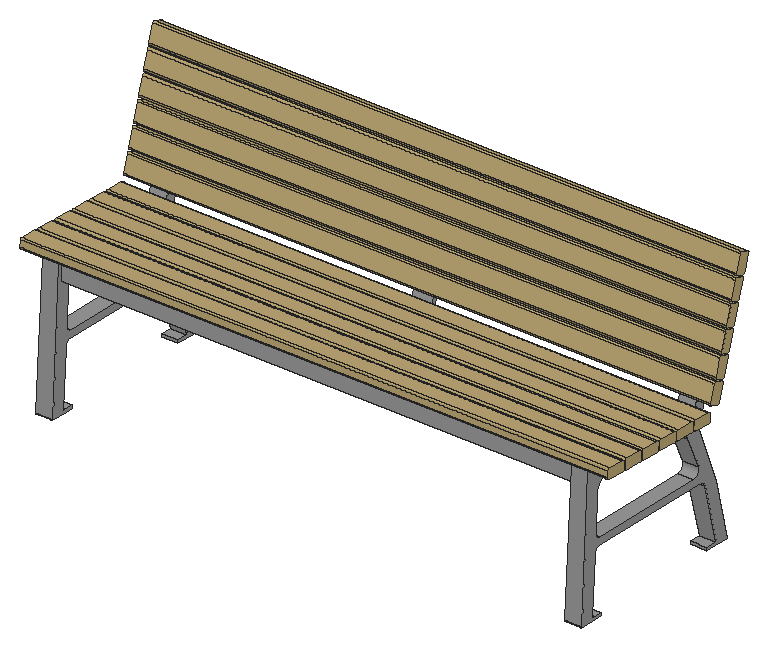
Revit family "L-FUR_벤치_YB-228_예건", category 일반 모델, Revit 2021
Family settings
  보강 철근 호스트 가능 = 아니오
  원형 커넥터 치수 = 지름 사용
  부품 유형 = 보통
  작업 기준면 기반 = 아니오
  항상 수직 = 예
  로드될 때 보이드를 사용하여 절단 = 아니오
  공유 = 아니오
  룸 계산 점 = 아니오
Parameters
  한국산업규격KS = ""
  조달청표준공사코드-세부공종 = "22426756"
  기본 입면도 = 0 mm
  건설정보분류체계-부위분류 = "E943"
  LIM_INFO_주의사항 = "재배포, 재가공, 판매 금지"
  LIM_INFO_제품업체 = "예건"
  LIM_INFO_제품번호 = "YF-16"
  LIM_INFO_제품명 = "펜스_YF-16"
  LIM_INFO_제작일 = "20230315"
  LIM_INFO_재료 = "Hardwood, STL-pipe, STL-plate"
  LIM_INFO_업체정보 = ""
  LIM_INFO_업체URL = "https://yekun.com/"
  LIM_INFO_업체TEL = "(+82)31-943-6114"
  LIM_INFO_업체EMAIL = "yekun@yekun.com"
  LIM_INFO_버전 = "2023_V01"
  LIM_INFO_기타정보 = ""
  LIM_INFO_규격 = "W2000 x H1800"
  LIM_INFO_가격 = 0
  LIM_INFO_PV_포장재여부 = yes
  LIM_INFO_PV_면적 = 0.00 m²
  KBIMS_식별-버전 = ""
  KBIMS_식별-bSK등록번호 = ""
  KBIMS_보급정보-저작자 = "림인포테크_MMJ"
  KBIMS_보급정보-보급코드 = ""
Reference planes
  plane 1 "중심(앞/뒤)": y = 0
  plane 2: z = 0
  plane 3 "중심(왼쪽/오른쪽)": x = 0
Dimensions and locks
  aligned and locked: level to plane 2
Nested families
  nested 1: "YB-228_base" at (0, 0, 0), type "YB-228_base"
Definition of nested family "YB-228_base"
  Parameters (values of type "YB-228_base")
    Default Elevation = 0 mm
  Reference planes
    plane 1 "중심(앞/뒤)": y = 0
    plane 2: z = 0
    plane 3 "중심(왼쪽/오른쪽)": x = 0
  Forms (mm)
    Sweep 1, solid, not visible, detail levels fine
      path origin (0, 0, 0) x (1, 0, 0) y (0, 1, 0)
        loop
          circle (-1867.879, -167.062) r 568.25
      profile origin (-1867.879, 401.188, 0) x (0, -1, 0) y (0, 0, 1)
        loop
          circle (0, 0) r 28.75
        loop
          circle (0, 0) r 30.25
    Sweep 2, solid, not visible, detail levels coarse+medium
      path origin (0, 0, 0) x (1, 0, 0) y (0, 1, 0)
        loop
          circle (-1867.879, -167.062) r 568.25
      profile origin (-1867.879, 401.188, 0) x (0, -1, 0) y (0, 0, 1)
        loop
          line (26.465, -11.234) -> (26.657, 10.77) -> (11.234, 26.465) -> (-10.77, 26.657) -> (-26.465, 11.234) -> (-26.657, -10.77) -> (-11.234, -26.465) -> (10.77, -26.657) -> (26.465, -11.234)
        loop
          line (28.047, 11.332) -> (11.82, 27.845) -> (-11.332, 28.047) -> (-27.845, 11.82) -> (-28.047, -11.332) -> (-11.82, -27.845) -> (11.332, -28.047) -> (27.845, -11.82) -> (28.047, 11.332)
    Sweep 3, solid, not visible, detail levels fine
      path origin (0, 0, -1310.25) x (1, 0, 0) y (0, 1, 0)
        loop
          circle (-1867.879, -167.062) r 568.25
      profile origin (-1867.879, 401.188, -1310.25) x (0, -1, 0) y (0, 0, 1)
        loop
          circle (0, 1310.25) r 28.75
        loop
          circle (0, 1310.25) r 30.25
    Sweep 4, solid, not visible, detail levels coarse+medium
      path origin (0, 0, -1310.25) x (1, 0, 0) y (0, 1, 0)
        loop
          circle (-1867.879, -167.062) r 568.25
      profile origin (-1867.879, 401.188, -1310.25) x (0, -1, 0) y (0, 0, 1)
        loop
          line (26.465, 1299.016) -> (26.657, 1321.02) -> (11.234, 1336.715) -> (-10.77, 1336.907) -> (-26.465, 1321.484) -> (-26.657, 1299.48) -> (-11.234, 1283.785) -> (10.77, 1283.593) -> (26.465, 1299.016)
        loop
          line (28.047, 1321.582) -> (11.82, 1338.095) -> (-11.332, 1338.297) -> (-27.845, 1322.07) -> (-28.047, 1298.918) -> (-11.82, 1282.405) -> (11.332, 1282.203) -> (27.845, 1298.43) -> (28.047, 1321.582)
    Extrusion 5, solid, not visible
      sketch origin (0, 0, 0) x (1, 0, 0) y (0, 1, 0)
        loop
          line (-1678.243, -2480.024) -> (-1613.986, -2453.408)
          arc (-1613.986, -2453.408) -> (-1612.495, -2452.007) -> (-1612.304, -2449.969) r 2.893
          line (-1612.304, -2449.969) -> (-1622.315, -2413.562) -> (-1700.528, -2445.959) -> (-1681.864, -2478.781)
          arc (-1681.864, -2478.781) -> (-1680.288, -2480.087) -> (-1678.243, -2480.024) r 2.893
        loop
          line (-1517.968, -2394.568) -> (-1465.081, -2349.398)
          arc (-1465.081, -2349.398) -> (-1464.096, -2347.605) -> (-1464.544, -2345.608) r 2.893
          line (-1464.544, -2345.608) -> (-1485.315, -2314.077) -> (-1549.689, -2369.057) -> (-1521.796, -2394.505)
          arc (-1521.796, -2394.505) -> (-1519.893, -2395.26) -> (-1517.968, -2394.568) r 2.893
        loop
          line (-1391.945, -2263.766) -> (-1355.605, -2204.465)
          arc (-1355.605, -2204.465) -> (-1355.222, -2202.454) -> (-1356.265, -2200.694) r 2.893
          line (-1356.265, -2200.694) -> (-1385.763, -2177.125) -> (-1429.997, -2249.307) -> (-1395.605, -2264.89)
          arc (-1395.605, -2264.89) -> (-1393.562, -2265.02) -> (-1391.945, -2263.766) r 2.893
        loop
          line (-1312.509, -2100.424) -> (-1296.273, -2032.795)
          arc (-1296.273, -2032.795) -> (-1296.53, -2030.765) -> (-1298.067, -2029.413) r 2.893
          line (-1298.067, -2029.413) -> (-1333.404, -2016.112) -> (-1353.167, -2098.431) -> (-1315.643, -2102.623)
          arc (-1315.643, -2102.623) -> (-1313.66, -2102.116) -> (-1312.509, -2100.424) r 2.893
        loop
          line (-1287.437, -1920.529) -> (-1292.894, -1851.193)
          arc (-1292.894, -1851.193) -> (-1293.766, -1849.341) -> (-1295.645, -1848.53) r 2.893
          line (-1295.645, -1848.53) -> (-1333.364, -1846.801) -> (-1326.722, -1931.197) -> (-1289.738, -1923.589)
          arc (-1289.738, -1923.589) -> (-1288.009, -1922.494) -> (-1287.437, -1920.529) r 2.893
        loop
          line (-1319.183, -1741.691) -> (-1345.799, -1677.435)
          arc (-1345.799, -1677.435) -> (-1347.201, -1675.943) -> (-1349.238, -1675.753) r 2.893
          line (-1349.238, -1675.753) -> (-1385.645, -1685.763) -> (-1353.248, -1763.977) -> (-1320.426, -1745.312)
          arc (-1320.426, -1745.312) -> (-1319.12, -1743.736) -> (-1319.183, -1741.691) r 2.893
        loop
          line (-1404.64, -1581.416) -> (-1449.809, -1528.529)
          arc (-1449.809, -1528.529) -> (-1451.603, -1527.544) -> (-1453.6, -1527.992) r 2.893
          line (-1453.6, -1527.992) -> (-1485.131, -1548.764) -> (-1430.15, -1613.138) -> (-1404.702, -1585.244)
          arc (-1404.702, -1585.244) -> (-1403.947, -1583.342) -> (-1404.64, -1581.416) r 2.893
        loop
          line (-1535.441, -1455.393) -> (-1594.742, -1419.053)
          arc (-1594.742, -1419.053) -> (-1596.753, -1418.67) -> (-1598.513, -1419.714) r 2.893
          line (-1598.513, -1419.714) -> (-1622.083, -1449.212) -> (-1549.9, -1493.445) -> (-1534.317, -1459.053)
          arc (-1534.317, -1459.053) -> (-1534.187, -1457.01) -> (-1535.441, -1455.393) r 2.893
        loop
          line (-1698.784, -1375.958) -> (-1766.412, -1359.721)
          arc (-1766.412, -1359.721) -> (-1768.443, -1359.978) -> (-1769.795, -1361.515) r 2.893
          line (-1769.795, -1361.515) -> (-1783.095, -1396.853) -> (-1700.777, -1416.616) -> (-1696.584, -1379.091)
          arc (-1696.584, -1379.091) -> (-1697.091, -1377.108) -> (-1698.784, -1375.958) r 2.893
        loop
          line (-1878.679, -1350.886) -> (-1948.015, -1356.343)
          arc (-1948.015, -1356.343) -> (-1949.866, -1357.215) -> (-1950.677, -1359.094) r 2.893
          line (-1950.677, -1359.094) -> (-1952.406, -1396.812) -> (-1868.01, -1390.17) -> (-1875.618, -1353.187)
          arc (-1875.618, -1353.187) -> (-1876.713, -1351.457) -> (-1878.679, -1350.886) r 2.893
        loop
          line (-2057.516, -1382.632) -> (-2121.773, -1409.247)
          arc (-2121.773, -1409.247) -> (-2123.264, -1410.649) -> (-2123.455, -1412.687) r 2.893
          line (-2123.455, -1412.687) -> (-2113.444, -1449.093) -> (-2035.231, -1416.696) -> (-2053.895, -1383.874)
          arc (-2053.895, -1383.874) -> (-2055.471, -1382.568) -> (-2057.516, -1382.632) r 2.893
        loop
          line (-2217.791, -1468.088) -> (-2270.678, -1513.257)
          arc (-2270.678, -1513.257) -> (-2271.663, -1515.051) -> (-2271.215, -1517.048) r 2.893
          line (-2271.215, -1517.048) -> (-2250.444, -1548.579) -> (-2186.07, -1493.598) -> (-2213.963, -1468.15)
          arc (-2213.963, -1468.15) -> (-2215.865, -1467.395) -> (-2217.791, -1468.088) r 2.893
        loop
          line (-2343.814, -1598.889) -> (-2380.154, -1658.191)
          arc (-2380.154, -1658.191) -> (-2380.537, -1660.201) -> (-2379.494, -1661.962) r 2.893
          line (-2379.494, -1661.962) -> (-2349.996, -1685.531) -> (-2305.762, -1613.349) -> (-2340.154, -1597.766)
          arc (-2340.154, -1597.766) -> (-2342.197, -1597.635) -> (-2343.814, -1598.889) r 2.893
        loop
          line (-2437.692, -1833.243) -> (-2402.355, -1846.543) -> (-2382.592, -1764.225) -> (-2420.116, -1760.032)
          arc (-2420.116, -1760.032) -> (-2422.099, -1760.539) -> (-2423.25, -1762.232) r 2.893
          line (-2423.25, -1762.232) -> (-2439.486, -1829.861)
          arc (-2439.486, -1829.861) -> (-2439.229, -1831.891) -> (-2437.692, -1833.243) r 2.893
        loop
          line (-2440.113, -2014.125) -> (-2402.395, -2015.855) -> (-2409.037, -1931.458) -> (-2446.021, -1939.067)
          arc (-2446.021, -1939.067) -> (-2447.75, -1940.162) -> (-2448.322, -1942.127) r 2.893
          line (-2448.322, -1942.127) -> (-2442.865, -2011.463)
          arc (-2442.865, -2011.463) -> (-2441.993, -2013.314) -> (-2440.113, -2014.125) r 2.893
        loop
          line (-2386.521, -2186.903) -> (-2350.114, -2176.892) -> (-2382.511, -2098.679) -> (-2415.333, -2117.343)
          arc (-2415.333, -2117.343) -> (-2416.639, -2118.919) -> (-2416.576, -2120.965) r 2.893
          line (-2416.576, -2120.965) -> (-2389.96, -2185.221)
          arc (-2389.96, -2185.221) -> (-2388.558, -2186.712) -> (-2386.521, -2186.903) r 2.893
        loop
          line (-2282.159, -2334.663) -> (-2250.628, -2313.892) -> (-2305.609, -2249.518) -> (-2331.057, -2277.412)
          arc (-2331.057, -2277.412) -> (-2331.812, -2279.314) -> (-2331.119, -2281.24) r 2.893
          line (-2331.119, -2281.24) -> (-2285.95, -2334.126)
          arc (-2285.95, -2334.126) -> (-2284.156, -2335.112) -> (-2282.159, -2334.663) r 2.893
        loop
          line (-2137.246, -2442.942) -> (-2113.676, -2413.444) -> (-2185.859, -2369.21) -> (-2201.441, -2403.603)
          arc (-2201.441, -2403.603) -> (-2201.572, -2405.645) -> (-2200.318, -2407.263) r 2.893
          line (-2200.318, -2407.263) -> (-2141.017, -2443.603)
          arc (-2141.017, -2443.603) -> (-2139.006, -2443.986) -> (-2137.246, -2442.942) r 2.893
        loop
          line (-1965.964, -2501.141) -> (-1952.664, -2465.803) -> (-2034.982, -2446.04) -> (-2039.175, -2483.564)
          arc (-2039.175, -2483.564) -> (-2038.668, -2485.547) -> (-2036.975, -2486.698) r 2.893
          line (-2036.975, -2486.698) -> (-1969.347, -2502.934)
          arc (-1969.347, -2502.934) -> (-1967.316, -2502.677) -> (-1965.964, -2501.141) r 2.893
        loop
          line (-1785.082, -2503.562) -> (-1783.353, -2465.844) -> (-1867.749, -2472.486) -> (-1860.141, -2509.469)
          arc (-1860.141, -2509.469) -> (-1859.046, -2511.198) -> (-1857.08, -2511.77) r 2.893
          line (-1857.08, -2511.77) -> (-1787.744, -2506.313)
          arc (-1787.744, -2506.313) -> (-1785.893, -2505.441) -> (-1785.082, -2503.562) r 2.893
      from 0 to 680
    Extrusion 6, solid, not visible
      sketch origin (-326.184, 269.167, 0) x (0.987613, 0.156911, 0) y (-0.156911, 0.987613, 0)
        loop
          line (-1678.243, -2480.024) -> (-1613.986, -2453.408)
          arc (-1613.986, -2453.408) -> (-1612.495, -2452.007) -> (-1612.304, -2449.969) r 2.893
          line (-1612.304, -2449.969) -> (-1622.315, -2413.562) -> (-1700.528, -2445.959) -> (-1681.864, -2478.781)
          arc (-1681.864, -2478.781) -> (-1680.288, -2480.087) -> (-1678.243, -2480.024) r 2.893
        loop
          line (-1517.968, -2394.568) -> (-1465.081, -2349.398)
          arc (-1465.081, -2349.398) -> (-1464.096, -2347.605) -> (-1464.544, -2345.608) r 2.893
          line (-1464.544, -2345.608) -> (-1485.315, -2314.077) -> (-1549.689, -2369.057) -> (-1521.796, -2394.505)
          arc (-1521.796, -2394.505) -> (-1519.893, -2395.26) -> (-1517.968, -2394.568) r 2.893
        loop
          line (-1391.945, -2263.766) -> (-1355.605, -2204.465)
          arc (-1355.605, -2204.465) -> (-1355.222, -2202.454) -> (-1356.265, -2200.694) r 2.893
          line (-1356.265, -2200.694) -> (-1385.763, -2177.125) -> (-1429.997, -2249.307) -> (-1395.605, -2264.89)
          arc (-1395.605, -2264.89) -> (-1393.562, -2265.02) -> (-1391.945, -2263.766) r 2.893
        loop
          line (-1312.509, -2100.424) -> (-1296.273, -2032.795)
          arc (-1296.273, -2032.795) -> (-1296.53, -2030.765) -> (-1298.067, -2029.413) r 2.893
          line (-1298.067, -2029.413) -> (-1333.404, -2016.112) -> (-1353.167, -2098.431) -> (-1315.643, -2102.623)
          arc (-1315.643, -2102.623) -> (-1313.66, -2102.116) -> (-1312.509, -2100.424) r 2.893
        loop
          line (-1287.437, -1920.529) -> (-1292.894, -1851.193)
          arc (-1292.894, -1851.193) -> (-1293.766, -1849.341) -> (-1295.645, -1848.53) r 2.893
          line (-1295.645, -1848.53) -> (-1333.364, -1846.801) -> (-1326.722, -1931.197) -> (-1289.738, -1923.589)
          arc (-1289.738, -1923.589) -> (-1288.009, -1922.494) -> (-1287.437, -1920.529) r 2.893
        loop
          line (-1319.183, -1741.691) -> (-1345.799, -1677.435)
          arc (-1345.799, -1677.435) -> (-1347.201, -1675.943) -> (-1349.238, -1675.753) r 2.893
          line (-1349.238, -1675.753) -> (-1385.645, -1685.763) -> (-1353.248, -1763.977) -> (-1320.426, -1745.312)
          arc (-1320.426, -1745.312) -> (-1319.12, -1743.736) -> (-1319.183, -1741.691) r 2.893
        loop
          line (-1404.64, -1581.416) -> (-1449.809, -1528.529)
          arc (-1449.809, -1528.529) -> (-1451.603, -1527.544) -> (-1453.6, -1527.992) r 2.893
          line (-1453.6, -1527.992) -> (-1485.131, -1548.764) -> (-1430.15, -1613.138) -> (-1404.702, -1585.244)
          arc (-1404.702, -1585.244) -> (-1403.947, -1583.342) -> (-1404.64, -1581.416) r 2.893
        loop
          line (-1535.441, -1455.393) -> (-1594.742, -1419.053)
          arc (-1594.742, -1419.053) -> (-1596.753, -1418.67) -> (-1598.513, -1419.714) r 2.893
          line (-1598.513, -1419.714) -> (-1622.083, -1449.212) -> (-1549.9, -1493.445) -> (-1534.317, -1459.053)
          arc (-1534.317, -1459.053) -> (-1534.187, -1457.01) -> (-1535.441, -1455.393) r 2.893
        loop
          line (-1698.784, -1375.958) -> (-1766.412, -1359.721)
          arc (-1766.412, -1359.721) -> (-1768.443, -1359.978) -> (-1769.795, -1361.515) r 2.893
          line (-1769.795, -1361.515) -> (-1783.095, -1396.853) -> (-1700.777, -1416.616) -> (-1696.584, -1379.091)
          arc (-1696.584, -1379.091) -> (-1697.091, -1377.108) -> (-1698.784, -1375.958) r 2.893
        loop
          line (-1878.679, -1350.886) -> (-1948.015, -1356.343)
          arc (-1948.015, -1356.343) -> (-1949.866, -1357.215) -> (-1950.677, -1359.094) r 2.893
          line (-1950.677, -1359.094) -> (-1952.406, -1396.812) -> (-1868.01, -1390.17) -> (-1875.618, -1353.187)
          arc (-1875.618, -1353.187) -> (-1876.713, -1351.457) -> (-1878.679, -1350.886) r 2.893
        loop
          line (-2057.516, -1382.632) -> (-2121.773, -1409.247)
          arc (-2121.773, -1409.247) -> (-2123.264, -1410.649) -> (-2123.455, -1412.687) r 2.893
          line (-2123.455, -1412.687) -> (-2113.444, -1449.093) -> (-2035.231, -1416.696) -> (-2053.895, -1383.874)
          arc (-2053.895, -1383.874) -> (-2055.471, -1382.568) -> (-2057.516, -1382.632) r 2.893
        loop
          line (-2217.791, -1468.088) -> (-2270.678, -1513.257)
          arc (-2270.678, -1513.257) -> (-2271.663, -1515.051) -> (-2271.215, -1517.048) r 2.893
          line (-2271.215, -1517.048) -> (-2250.444, -1548.579) -> (-2186.07, -1493.598) -> (-2213.963, -1468.15)
          arc (-2213.963, -1468.15) -> (-2215.865, -1467.395) -> (-2217.791, -1468.088) r 2.893
        loop
          line (-2343.814, -1598.889) -> (-2380.154, -1658.191)
          arc (-2380.154, -1658.191) -> (-2380.537, -1660.201) -> (-2379.494, -1661.962) r 2.893
          line (-2379.494, -1661.962) -> (-2349.996, -1685.531) -> (-2305.762, -1613.349) -> (-2340.154, -1597.766)
          arc (-2340.154, -1597.766) -> (-2342.197, -1597.635) -> (-2343.814, -1598.889) r 2.893
        loop
          line (-2437.692, -1833.243) -> (-2402.355, -1846.543) -> (-2382.592, -1764.225) -> (-2420.116, -1760.032)
          arc (-2420.116, -1760.032) -> (-2422.099, -1760.539) -> (-2423.25, -1762.232) r 2.893
          line (-2423.25, -1762.232) -> (-2439.486, -1829.861)
          arc (-2439.486, -1829.861) -> (-2439.229, -1831.891) -> (-2437.692, -1833.243) r 2.893
        loop
          line (-2440.113, -2014.125) -> (-2402.395, -2015.855) -> (-2409.037, -1931.458) -> (-2446.021, -1939.067)
          arc (-2446.021, -1939.067) -> (-2447.75, -1940.162) -> (-2448.322, -1942.127) r 2.893
          line (-2448.322, -1942.127) -> (-2442.865, -2011.463)
          arc (-2442.865, -2011.463) -> (-2441.993, -2013.314) -> (-2440.113, -2014.125) r 2.893
        loop
          line (-2386.521, -2186.903) -> (-2350.114, -2176.892) -> (-2382.511, -2098.679) -> (-2415.333, -2117.343)
          arc (-2415.333, -2117.343) -> (-2416.639, -2118.919) -> (-2416.576, -2120.965) r 2.893
          line (-2416.576, -2120.965) -> (-2389.96, -2185.221)
          arc (-2389.96, -2185.221) -> (-2388.558, -2186.712) -> (-2386.521, -2186.903) r 2.893
        loop
          line (-2282.159, -2334.663) -> (-2250.628, -2313.892) -> (-2305.609, -2249.518) -> (-2331.057, -2277.412)
          arc (-2331.057, -2277.412) -> (-2331.812, -2279.314) -> (-2331.119, -2281.24) r 2.893
          line (-2331.119, -2281.24) -> (-2285.95, -2334.126)
          arc (-2285.95, -2334.126) -> (-2284.156, -2335.112) -> (-2282.159, -2334.663) r 2.893
        loop
          line (-2137.246, -2442.942) -> (-2113.676, -2413.444) -> (-2185.859, -2369.21) -> (-2201.441, -2403.603)
          arc (-2201.441, -2403.603) -> (-2201.572, -2405.645) -> (-2200.318, -2407.263) r 2.893
          line (-2200.318, -2407.263) -> (-2141.017, -2443.603)
          arc (-2141.017, -2443.603) -> (-2139.006, -2443.986) -> (-2137.246, -2442.942) r 2.893
        loop
          line (-1965.964, -2501.141) -> (-1952.664, -2465.803) -> (-2034.982, -2446.04) -> (-2039.175, -2483.564)
          arc (-2039.175, -2483.564) -> (-2038.668, -2485.547) -> (-2036.975, -2486.698) r 2.893
          line (-2036.975, -2486.698) -> (-1969.347, -2502.934)
          arc (-1969.347, -2502.934) -> (-1967.316, -2502.677) -> (-1965.964, -2501.141) r 2.893
        loop
          line (-1785.082, -2503.562) -> (-1783.353, -2465.844) -> (-1867.749, -2472.486) -> (-1860.141, -2509.469)
          arc (-1860.141, -2509.469) -> (-1859.046, -2511.198) -> (-1857.08, -2511.77) r 2.893
          line (-1857.08, -2511.77) -> (-1787.744, -2506.313)
          arc (-1787.744, -2506.313) -> (-1785.893, -2505.441) -> (-1785.082, -2503.562) r 2.893
      from 0 to 680
    Extrusion 7, solid, not visible
      sketch origin (0, 0, 0) x (1, 0, 0) y (0, 1, 0)
        loop
          circle (-1867.879, -1931.328) r 537.5
        loop
          circle (-1867.879, -1931.328) r 539.5
      from 0 to 794.31
    Sweep 8, solid, not visible, detail levels fine
      path origin (0, -1764.266, -542.405) x (1, 0, 0) y (0, 1, 0)
        loop
          circle (-1867.879, -167.062) r 568.25
      profile origin (-1867.879, -1363.078, -542.405) x (0, -1, 0) y (0, 0, 1)
        loop
          circle (0, 1310.25) r 28.75
        loop
          circle (0, 1310.25) r 30.25
    Sweep 9, solid, not visible, detail levels coarse+medium
      path origin (0, -1764.266, -542.405) x (1, 0, 0) y (0, 1, 0)
        loop
          circle (-1867.879, -167.062) r 568.25
      profile origin (-1867.879, -1363.078, -542.405) x (0, -1, 0) y (0, 0, 1)
        loop
          line (26.465, 1299.016) -> (26.657, 1321.02) -> (11.234, 1336.715) -> (-10.77, 1336.907) -> (-26.465, 1321.484) -> (-26.657, 1299.48) -> (-11.234, 1283.785) -> (10.77, 1283.593) -> (26.465, 1299.016)
        loop
          line (28.047, 1321.582) -> (11.82, 1338.095) -> (-11.332, 1338.297) -> (-27.845, 1322.07) -> (-28.047, 1298.918) -> (-11.82, 1282.405) -> (11.332, 1282.203) -> (27.845, 1298.43) -> (28.047, 1321.582)
    Sweep 10, solid, not visible, detail levels fine
      path origin (0, -1764.266, -1278.297) x (1, 0, 0) y (0, 1, 0)
        loop
          circle (-1867.879, -167.062) r 568.25
      profile origin (-1867.879, -1363.078, -1278.297) x (0, -1, 0) y (0, 0, 1)
        loop
          circle (0, 1310.25) r 28.75
        loop
          circle (0, 1310.25) r 30.25
    Sweep 11, solid, not visible, detail levels coarse+medium
      path origin (0, -1764.266, -1278.297) x (1, 0, 0) y (0, 1, 0)
        loop
          circle (-1867.879, -167.062) r 568.25
      profile origin (-1867.879, -1363.078, -1278.297) x (0, -1, 0) y (0, 0, 1)
        loop
          line (26.465, 1299.016) -> (26.657, 1321.02) -> (11.234, 1336.715) -> (-10.77, 1336.907) -> (-26.465, 1321.484) -> (-26.657, 1299.48) -> (-11.234, 1283.785) -> (10.77, 1283.593) -> (26.465, 1299.016)
        loop
          line (28.047, 1321.582) -> (11.82, 1338.095) -> (-11.332, 1338.297) -> (-27.845, 1322.07) -> (-28.047, 1298.918) -> (-11.82, 1282.405) -> (11.332, 1282.203) -> (27.845, 1298.43) -> (28.047, 1321.582)
    Extrusion 12, solid, not visible
      sketch origin (0, 0, 60) x (1, 0, 0) y (0, 1, 0)
        loop
          line (-1678.243, -2480.024) -> (-1613.986, -2453.408)
          arc (-1613.986, -2453.408) -> (-1612.495, -2452.007) -> (-1612.304, -2449.969) r 2.893
          line (-1612.304, -2449.969) -> (-1622.315, -2413.562) -> (-1700.528, -2445.959) -> (-1681.864, -2478.781)
          arc (-1681.864, -2478.781) -> (-1680.288, -2480.087) -> (-1678.243, -2480.024) r 2.893
        loop
          line (-1517.968, -2394.568) -> (-1465.081, -2349.398)
          arc (-1465.081, -2349.398) -> (-1464.096, -2347.605) -> (-1464.544, -2345.608) r 2.893
          line (-1464.544, -2345.608) -> (-1485.315, -2314.077) -> (-1549.689, -2369.057) -> (-1521.796, -2394.505)
          arc (-1521.796, -2394.505) -> (-1519.893, -2395.26) -> (-1517.968, -2394.568) r 2.893
        loop
          line (-1391.945, -2263.766) -> (-1355.605, -2204.465)
          arc (-1355.605, -2204.465) -> (-1355.222, -2202.454) -> (-1356.265, -2200.694) r 2.893
          line (-1356.265, -2200.694) -> (-1385.763, -2177.125) -> (-1429.997, -2249.307) -> (-1395.605, -2264.89)
          arc (-1395.605, -2264.89) -> (-1393.562, -2265.02) -> (-1391.945, -2263.766) r 2.893
        loop
          line (-1312.509, -2100.424) -> (-1296.273, -2032.795)
          arc (-1296.273, -2032.795) -> (-1296.53, -2030.765) -> (-1298.067, -2029.413) r 2.893
          line (-1298.067, -2029.413) -> (-1333.404, -2016.112) -> (-1353.167, -2098.431) -> (-1315.643, -2102.623)
          arc (-1315.643, -2102.623) -> (-1313.66, -2102.116) -> (-1312.509, -2100.424) r 2.893
        loop
          line (-1287.437, -1920.529) -> (-1292.894, -1851.193)
          arc (-1292.894, -1851.193) -> (-1293.766, -1849.341) -> (-1295.645, -1848.53) r 2.893
          line (-1295.645, -1848.53) -> (-1333.364, -1846.801) -> (-1326.722, -1931.197) -> (-1289.738, -1923.589)
          arc (-1289.738, -1923.589) -> (-1288.009, -1922.494) -> (-1287.437, -1920.529) r 2.893
        loop
          line (-1319.183, -1741.691) -> (-1345.799, -1677.435)
          arc (-1345.799, -1677.435) -> (-1347.201, -1675.943) -> (-1349.238, -1675.753) r 2.893
          line (-1349.238, -1675.753) -> (-1385.645, -1685.763) -> (-1353.248, -1763.977) -> (-1320.426, -1745.312)
          arc (-1320.426, -1745.312) -> (-1319.12, -1743.736) -> (-1319.183, -1741.691) r 2.893
        loop
          line (-1404.64, -1581.416) -> (-1449.809, -1528.529)
          arc (-1449.809, -1528.529) -> (-1451.603, -1527.544) -> (-1453.6, -1527.992) r 2.893
          line (-1453.6, -1527.992) -> (-1485.131, -1548.764) -> (-1430.15, -1613.138) -> (-1404.702, -1585.244)
          arc (-1404.702, -1585.244) -> (-1403.947, -1583.342) -> (-1404.64, -1581.416) r 2.893
        loop
          line (-1535.441, -1455.393) -> (-1594.742, -1419.053)
          arc (-1594.742, -1419.053) -> (-1596.753, -1418.67) -> (-1598.513, -1419.714) r 2.893
          line (-1598.513, -1419.714) -> (-1622.083, -1449.212) -> (-1549.9, -1493.445) -> (-1534.317, -1459.053)
          arc (-1534.317, -1459.053) -> (-1534.187, -1457.01) -> (-1535.441, -1455.393) r 2.893
        loop
          line (-1698.784, -1375.958) -> (-1766.412, -1359.721)
          arc (-1766.412, -1359.721) -> (-1768.443, -1359.978) -> (-1769.795, -1361.515) r 2.893
          line (-1769.795, -1361.515) -> (-1783.095, -1396.853) -> (-1700.777, -1416.616) -> (-1696.584, -1379.091)
          arc (-1696.584, -1379.091) -> (-1697.091, -1377.108) -> (-1698.784, -1375.958) r 2.893
        loop
          line (-1878.679, -1350.886) -> (-1948.015, -1356.343)
          arc (-1948.015, -1356.343) -> (-1949.866, -1357.215) -> (-1950.677, -1359.094) r 2.893
          line (-1950.677, -1359.094) -> (-1952.406, -1396.812) -> (-1868.01, -1390.17) -> (-1875.618, -1353.187)
          arc (-1875.618, -1353.187) -> (-1876.713, -1351.457) -> (-1878.679, -1350.886) r 2.893
        loop
          line (-2057.516, -1382.632) -> (-2121.773, -1409.247)
          arc (-2121.773, -1409.247) -> (-2123.264, -1410.649) -> (-2123.455, -1412.687) r 2.893
          line (-2123.455, -1412.687) -> (-2113.444, -1449.093) -> (-2035.231, -1416.696) -> (-2053.895, -1383.874)
          arc (-2053.895, -1383.874) -> (-2055.471, -1382.568) -> (-2057.516, -1382.632) r 2.893
        loop
          line (-2217.791, -1468.088) -> (-2270.678, -1513.257)
          arc (-2270.678, -1513.257) -> (-2271.663, -1515.051) -> (-2271.215, -1517.048) r 2.893
          line (-2271.215, -1517.048) -> (-2250.444, -1548.579) -> (-2186.07, -1493.598) -> (-2213.963, -1468.15)
          arc (-2213.963, -1468.15) -> (-2215.865, -1467.395) -> (-2217.791, -1468.088) r 2.893
        loop
          line (-2343.814, -1598.889) -> (-2380.154, -1658.191)
          arc (-2380.154, -1658.191) -> (-2380.537, -1660.201) -> (-2379.494, -1661.962) r 2.893
          line (-2379.494, -1661.962) -> (-2349.996, -1685.531) -> (-2305.762, -1613.349) -> (-2340.154, -1597.766)
          arc (-2340.154, -1597.766) -> (-2342.197, -1597.635) -> (-2343.814, -1598.889) r 2.893
        loop
          line (-2437.692, -1833.243) -> (-2402.355, -1846.543) -> (-2382.592, -1764.225) -> (-2420.116, -1760.032)
          arc (-2420.116, -1760.032) -> (-2422.099, -1760.539) -> (-2423.25, -1762.232) r 2.893
          line (-2423.25, -1762.232) -> (-2439.486, -1829.861)
          arc (-2439.486, -1829.861) -> (-2439.229, -1831.891) -> (-2437.692, -1833.243) r 2.893
        loop
          line (-2440.113, -2014.125) -> (-2402.395, -2015.855) -> (-2409.037, -1931.458) -> (-2446.021, -1939.067)
          arc (-2446.021, -1939.067) -> (-2447.75, -1940.162) -> (-2448.322, -1942.127) r 2.893
          line (-2448.322, -1942.127) -> (-2442.865, -2011.463)
          arc (-2442.865, -2011.463) -> (-2441.993, -2013.314) -> (-2440.113, -2014.125) r 2.893
        loop
          line (-2386.521, -2186.903) -> (-2350.114, -2176.892) -> (-2382.511, -2098.679) -> (-2415.333, -2117.343)
          arc (-2415.333, -2117.343) -> (-2416.639, -2118.919) -> (-2416.576, -2120.965) r 2.893
          line (-2416.576, -2120.965) -> (-2389.96, -2185.221)
          arc (-2389.96, -2185.221) -> (-2388.558, -2186.712) -> (-2386.521, -2186.903) r 2.893
        loop
          line (-2282.159, -2334.663) -> (-2250.628, -2313.892) -> (-2305.609, -2249.518) -> (-2331.057, -2277.412)
          arc (-2331.057, -2277.412) -> (-2331.812, -2279.314) -> (-2331.119, -2281.24) r 2.893
          line (-2331.119, -2281.24) -> (-2285.95, -2334.126)
          arc (-2285.95, -2334.126) -> (-2284.156, -2335.112) -> (-2282.159, -2334.663) r 2.893
        loop
          line (-2137.246, -2442.942) -> (-2113.676, -2413.444) -> (-2185.859, -2369.21) -> (-2201.441, -2403.603)
          arc (-2201.441, -2403.603) -> (-2201.572, -2405.645) -> (-2200.318, -2407.263) r 2.893
          line (-2200.318, -2407.263) -> (-2141.017, -2443.603)
          arc (-2141.017, -2443.603) -> (-2139.006, -2443.986) -> (-2137.246, -2442.942) r 2.893
        loop
          line (-1965.964, -2501.141) -> (-1952.664, -2465.803) -> (-2034.982, -2446.04) -> (-2039.175, -2483.564)
          arc (-2039.175, -2483.564) -> (-2038.668, -2485.547) -> (-2036.975, -2486.698) r 2.893
          line (-2036.975, -2486.698) -> (-1969.347, -2502.934)
          arc (-1969.347, -2502.934) -> (-1967.316, -2502.677) -> (-1965.964, -2501.141) r 2.893
        loop
          line (-1785.082, -2503.562) -> (-1783.353, -2465.844) -> (-1867.749, -2472.486) -> (-1860.141, -2509.469)
          arc (-1860.141, -2509.469) -> (-1859.046, -2511.198) -> (-1857.08, -2511.77) r 2.893
          line (-1857.08, -2511.77) -> (-1787.744, -2506.313)
          arc (-1787.744, -2506.313) -> (-1785.893, -2505.441) -> (-1785.082, -2503.562) r 2.893
      from 0 to 680
    Extrusion 13, solid, not visible
      sketch origin (-326.184, 269.167, 60) x (0.987613, 0.156911, 0) y (-0.156911, 0.987613, 0)
        loop
          line (-1678.243, -2480.024) -> (-1613.986, -2453.408)
          arc (-1613.986, -2453.408) -> (-1612.495, -2452.007) -> (-1612.304, -2449.969) r 2.893
          line (-1612.304, -2449.969) -> (-1622.315, -2413.562) -> (-1700.528, -2445.959) -> (-1681.864, -2478.781)
          arc (-1681.864, -2478.781) -> (-1680.288, -2480.087) -> (-1678.243, -2480.024) r 2.893
        loop
          line (-1517.968, -2394.568) -> (-1465.081, -2349.398)
          arc (-1465.081, -2349.398) -> (-1464.096, -2347.605) -> (-1464.544, -2345.608) r 2.893
          line (-1464.544, -2345.608) -> (-1485.315, -2314.077) -> (-1549.689, -2369.057) -> (-1521.796, -2394.505)
          arc (-1521.796, -2394.505) -> (-1519.893, -2395.26) -> (-1517.968, -2394.568) r 2.893
        loop
          line (-1391.945, -2263.766) -> (-1355.605, -2204.465)
          arc (-1355.605, -2204.465) -> (-1355.222, -2202.454) -> (-1356.265, -2200.694) r 2.893
          line (-1356.265, -2200.694) -> (-1385.763, -2177.125) -> (-1429.997, -2249.307) -> (-1395.605, -2264.89)
          arc (-1395.605, -2264.89) -> (-1393.562, -2265.02) -> (-1391.945, -2263.766) r 2.893
        loop
          line (-1312.509, -2100.424) -> (-1296.273, -2032.795)
          arc (-1296.273, -2032.795) -> (-1296.53, -2030.765) -> (-1298.067, -2029.413) r 2.893
          line (-1298.067, -2029.413) -> (-1333.404, -2016.112) -> (-1353.167, -2098.431) -> (-1315.643, -2102.623)
          arc (-1315.643, -2102.623) -> (-1313.66, -2102.116) -> (-1312.509, -2100.424) r 2.893
        loop
          line (-1287.437, -1920.529) -> (-1292.894, -1851.193)
          arc (-1292.894, -1851.193) -> (-1293.766, -1849.341) -> (-1295.645, -1848.53) r 2.893
          line (-1295.645, -1848.53) -> (-1333.364, -1846.801) -> (-1326.722, -1931.197) -> (-1289.738, -1923.589)
          arc (-1289.738, -1923.589) -> (-1288.009, -1922.494) -> (-1287.437, -1920.529) r 2.893
        loop
          line (-1319.183, -1741.691) -> (-1345.799, -1677.435)
          arc (-1345.799, -1677.435) -> (-1347.201, -1675.943) -> (-1349.238, -1675.753) r 2.893
          line (-1349.238, -1675.753) -> (-1385.645, -1685.763) -> (-1353.248, -1763.977) -> (-1320.426, -1745.312)
          arc (-1320.426, -1745.312) -> (-1319.12, -1743.736) -> (-1319.183, -1741.691) r 2.893
        loop
          line (-1404.64, -1581.416) -> (-1449.809, -1528.529)
          arc (-1449.809, -1528.529) -> (-1451.603, -1527.544) -> (-1453.6, -1527.992) r 2.893
          line (-1453.6, -1527.992) -> (-1485.131, -1548.764) -> (-1430.15, -1613.138) -> (-1404.702, -1585.244)
          arc (-1404.702, -1585.244) -> (-1403.947, -1583.342) -> (-1404.64, -1581.416) r 2.893
        loop
          line (-1535.441, -1455.393) -> (-1594.742, -1419.053)
          arc (-1594.742, -1419.053) -> (-1596.753, -1418.67) -> (-1598.513, -1419.714) r 2.893
          line (-1598.513, -1419.714) -> (-1622.083, -1449.212) -> (-1549.9, -1493.445) -> (-1534.317, -1459.053)
          arc (-1534.317, -1459.053) -> (-1534.187, -1457.01) -> (-1535.441, -1455.393) r 2.893
        loop
          line (-1698.784, -1375.958) -> (-1766.412, -1359.721)
          arc (-1766.412, -1359.721) -> (-1768.443, -1359.978) -> (-1769.795, -1361.515) r 2.893
          line (-1769.795, -1361.515) -> (-1783.095, -1396.853) -> (-1700.777, -1416.616) -> (-1696.584, -1379.091)
          arc (-1696.584, -1379.091) -> (-1697.091, -1377.108) -> (-1698.784, -1375.958) r 2.893
        loop
          line (-1878.679, -1350.886) -> (-1948.015, -1356.343)
          arc (-1948.015, -1356.343) -> (-1949.866, -1357.215) -> (-1950.677, -1359.094) r 2.893
          line (-1950.677, -1359.094) -> (-1952.406, -1396.812) -> (-1868.01, -1390.17) -> (-1875.618, -1353.187)
          arc (-1875.618, -1353.187) -> (-1876.713, -1351.457) -> (-1878.679, -1350.886) r 2.893
        loop
          line (-2057.516, -1382.632) -> (-2121.773, -1409.247)
          arc (-2121.773, -1409.247) -> (-2123.264, -1410.649) -> (-2123.455, -1412.687) r 2.893
          line (-2123.455, -1412.687) -> (-2113.444, -1449.093) -> (-2035.231, -1416.696) -> (-2053.895, -1383.874)
          arc (-2053.895, -1383.874) -> (-2055.471, -1382.568) -> (-2057.516, -1382.632) r 2.893
        loop
          line (-2217.791, -1468.088) -> (-2270.678, -1513.257)
          arc (-2270.678, -1513.257) -> (-2271.663, -1515.051) -> (-2271.215, -1517.048) r 2.893
          line (-2271.215, -1517.048) -> (-2250.444, -1548.579) -> (-2186.07, -1493.598) -> (-2213.963, -1468.15)
          arc (-2213.963, -1468.15) -> (-2215.865, -1467.395) -> (-2217.791, -1468.088) r 2.893
        loop
          line (-2343.814, -1598.889) -> (-2380.154, -1658.191)
          arc (-2380.154, -1658.191) -> (-2380.537, -1660.201) -> (-2379.494, -1661.962) r 2.893
          line (-2379.494, -1661.962) -> (-2349.996, -1685.531) -> (-2305.762, -1613.349) -> (-2340.154, -1597.766)
          arc (-2340.154, -1597.766) -> (-2342.197, -1597.635) -> (-2343.814, -1598.889) r 2.893
        loop
          line (-2437.692, -1833.243) -> (-2402.355, -1846.543) -> (-2382.592, -1764.225) -> (-2420.116, -1760.032)
          arc (-2420.116, -1760.032) -> (-2422.099, -1760.539) -> (-2423.25, -1762.232) r 2.893
          line (-2423.25, -1762.232) -> (-2439.486, -1829.861)
          arc (-2439.486, -1829.861) -> (-2439.229, -1831.891) -> (-2437.692, -1833.243) r 2.893
        loop
          line (-2440.113, -2014.125) -> (-2402.395, -2015.855) -> (-2409.037, -1931.458) -> (-2446.021, -1939.067)
          arc (-2446.021, -1939.067) -> (-2447.75, -1940.162) -> (-2448.322, -1942.127) r 2.893
          line (-2448.322, -1942.127) -> (-2442.865, -2011.463)
          arc (-2442.865, -2011.463) -> (-2441.993, -2013.314) -> (-2440.113, -2014.125) r 2.893
        loop
          line (-2386.521, -2186.903) -> (-2350.114, -2176.892) -> (-2382.511, -2098.679) -> (-2415.333, -2117.343)
          arc (-2415.333, -2117.343) -> (-2416.639, -2118.919) -> (-2416.576, -2120.965) r 2.893
          line (-2416.576, -2120.965) -> (-2389.96, -2185.221)
          arc (-2389.96, -2185.221) -> (-2388.558, -2186.712) -> (-2386.521, -2186.903) r 2.893
        loop
          line (-2282.159, -2334.663) -> (-2250.628, -2313.892) -> (-2305.609, -2249.518) -> (-2331.057, -2277.412)
          arc (-2331.057, -2277.412) -> (-2331.812, -2279.314) -> (-2331.119, -2281.24) r 2.893
          line (-2331.119, -2281.24) -> (-2285.95, -2334.126)
          arc (-2285.95, -2334.126) -> (-2284.156, -2335.112) -> (-2282.159, -2334.663) r 2.893
        loop
          line (-2137.246, -2442.942) -> (-2113.676, -2413.444) -> (-2185.859, -2369.21) -> (-2201.441, -2403.603)
          arc (-2201.441, -2403.603) -> (-2201.572, -2405.645) -> (-2200.318, -2407.263) r 2.893
          line (-2200.318, -2407.263) -> (-2141.017, -2443.603)
          arc (-2141.017, -2443.603) -> (-2139.006, -2443.986) -> (-2137.246, -2442.942) r 2.893
        loop
          line (-1965.964, -2501.141) -> (-1952.664, -2465.803) -> (-2034.982, -2446.04) -> (-2039.175, -2483.564)
          arc (-2039.175, -2483.564) -> (-2038.668, -2485.547) -> (-2036.975, -2486.698) r 2.893
          line (-2036.975, -2486.698) -> (-1969.347, -2502.934)
          arc (-1969.347, -2502.934) -> (-1967.316, -2502.677) -> (-1965.964, -2501.141) r 2.893
        loop
          line (-1785.082, -2503.562) -> (-1783.353, -2465.844) -> (-1867.749, -2472.486) -> (-1860.141, -2509.469)
          arc (-1860.141, -2509.469) -> (-1859.046, -2511.198) -> (-1857.08, -2511.77) r 2.893
          line (-1857.08, -2511.77) -> (-1787.744, -2506.313)
          arc (-1787.744, -2506.313) -> (-1785.893, -2505.441) -> (-1785.082, -2503.562) r 2.893
      from 0 to 680
    Extrusion 14, solid, not visible
      sketch origin (0, -1764.266, 4.107) x (1, 0, 0) y (0, 1, 0)
        loop
          arc (-2404.542, -137.062) -> (-2405.379, -167.062) -> (-2404.542, -197.062) r 537.5
          line (-2404.542, -197.062) -> (-1331.217, -197.062)
          arc (-1331.217, -197.062) -> (-1330.379, -167.062) -> (-1331.217, -137.062) r 537.5
          line (-1331.217, -137.062) -> (-2404.542, -137.062)
      from 0 to 40
    Extrusion 15, solid, not visible
      sketch origin (-2034.942, -63.448, 4.107) x (0, 1, 0) y (-1, 0, 0)
        loop
          arc (-2404.542, -137.062) -> (-2405.379, -167.062) -> (-2404.542, -197.062) r 537.5
          line (-2404.542, -197.062) -> (-1331.217, -197.062)
          arc (-1331.217, -197.062) -> (-1330.379, -167.062) -> (-1331.217, -137.062) r 537.5
          line (-1331.217, -137.062) -> (-2404.542, -137.062)
      from 0 to 40
    Extrusion 16, solid, not visible
      sketch origin (0, -1764.266, 44.107) x (1, 0, 0) y (0, 1, 0)
        loop
          circle (-1867.879, -167.062) r 537.5
        loop
          circle (-2080.012, -379.194) r 10
        loop
          circle (-1655.747, -379.194) r 10
        loop
          circle (-1655.747, 45.07) r 10
        loop
          circle (-2080.012, 45.07) r 10
      from 0 to 1.2
    Extrusion 17, solid, not visible
      sketch origin (0, 142.026, 0) x (1, 0, 0) y (0, 0, 1)
        loop
          line (250.196, 700) -> (250.196, 50) -> (310.196, 50) -> (310.196, 700) -> (250.196, 700)
      from 0 to 20
    Revolve 18, solid, not visible, detail levels coarse+medium
      sketch origin (0, 0, 0) x (1, 0, 0) y (0, 0, 1)
        loop
          line (2550.799, 933.793) -> (2552.49, 933.793) -> (2552.49, 934.794) -> (2550.649, 934.794)
          arc (2550.649, 934.794) -> (2545.113, 933.3) -> (2541.082, 929.223) r 11
          line (2541.082, 929.223) -> (2530.908, 911.294) -> (2530.34, 910.294) -> (2531.49, 910.294) -> (2541.952, 928.73)
          arc (2541.952, 928.73) -> (2545.617, 932.436) -> (2550.649, 933.794) r 10
        axis (2567.64, 934.794) -> (2567.64, 910.294)
      angle from 0 to 360
    Revolve 19, solid, not visible, detail levels coarse+medium
      sketch origin (0, 0, 0) x (1, 0, 0) y (0, 0, 1)
        loop
          line (2552.79, 910.294) -> (2552.79, 933.794) -> (2550.949, 933.794)
          arc (2550.949, 933.794) -> (2545.917, 932.436) -> (2542.252, 928.73) r 10
          line (2542.252, 928.73) -> (2531.79, 910.294) -> (2533.63, 910.294) -> (2543.643, 927.94)
          arc (2543.643, 927.94) -> (2546.722, 931.053) -> (2550.949, 932.194) r 8.4
          line (2550.949, 932.194) -> (2550.949, 910.294) -> (2552.79, 910.294)
        axis (2567.64, 933.794) -> (2567.64, 910.294)
      angle from 0 to 360
    Sweep 20, solid, not visible, detail levels coarse+medium
      path origin (12.126, 0, 0) x (0, 1, 0) y (0, 0, 1)
        loop
          line (2755.111, 246.603) -> (2647.361, 246.603)
          arc (2647.361, 246.603) -> (2576.297, 276.039) -> (2546.861, 347.103) r 100.5
          line (2546.861, 347.103) -> (2546.861, 572.103)
          arc (2546.861, 572.103) -> (2576.297, 643.167) -> (2647.361, 672.603) r 100.5
          line (2647.361, 672.603) -> (2755.111, 672.603)
      profile origin (12.126, 2701.236, 246.603) x (0, 0, -1) y (1, 0, 0)
        loop
          line (2.459, -9.176) -> (8.227, -4.75) -> (9.176, 2.459) -> (4.75, 8.227) -> (-2.459, 9.176) -> (-8.227, 4.75) -> (-9.176, -2.459) -> (-4.75, -8.227) -> (2.459, -9.176)
    Sweep 21, solid, not visible, detail levels coarse+medium
      path origin (102.126, 0, 0) x (0, 1, 0) y (0, 0, 1)
        loop
          line (2755.111, 246.603) -> (2647.361, 246.603)
          arc (2647.361, 246.603) -> (2576.297, 276.039) -> (2546.861, 347.103) r 100.5
          line (2546.861, 347.103) -> (2546.861, 572.103)
          arc (2546.861, 572.103) -> (2576.297, 643.167) -> (2647.361, 672.603) r 100.5
          line (2647.361, 672.603) -> (2755.111, 672.603)
      profile origin (102.126, 2701.236, 246.603) x (0, 0, -1) y (1, 0, 0)
        loop
          line (2.459, -9.176) -> (8.227, -4.75) -> (9.176, 2.459) -> (4.75, 8.227) -> (-2.459, 9.176) -> (-8.227, 4.75) -> (-9.176, -2.459) -> (-4.75, -8.227) -> (2.459, -9.176)
    Extrusion 22, solid, detail levels fine
      sketch origin (0, -0.062, 0) x (0, 1, 0) y (0, 0, 1)
        loop
          arc (0.062, 1.086) -> (0.322, 0.324) -> (1.059, 0) r 1
          line (1.059, 0) -> (49.199, 0) -> (73.199, 0) -> (73.199, 9) -> (49.199, 9) -> (40.892, 9) -> (50.082, 177.114)
          arc (50.082, 177.114) -> (56.301, 190.546) -> (70.052, 196.023) r 20
          line (70.052, 196.023) -> (451.53, 196.023)
          arc (451.53, 196.023) -> (463.291, 192.199) -> (470.557, 182.19) r 20
          arc (470.557, 182.19) -> (495.074, 96.352) -> (513.483, 9) r 1266.676
          line (513.483, 9) -> (480.865, 9) -> (480.865, 0) -> (503.865, 0) -> (554.379, 0)
          arc (554.379, 0) -> (555.14, 0.352) -> (555.366, 1.16) r 1
          arc (555.366, 1.16) -> (514.372, 176.274) -> (449.734, 344.105) r 1307.366
          line (449.734, 344.105) -> (563.445, 767.244) -> (557.729, 780.203) -> (558.639, 783.13) -> (561.014, 790.769) -> (552.42, 793.442) -> (432.322, 407.242)
          arc (432.322, 407.242) -> (430.432, 404.642) -> (427.35, 403.73) r 5
          line (427.35, 403.73) -> (408.824, 404.465) -> (24.126, 419.719) -> (0.062, 1.086)
        loop
          arc (430.377, 216.023) -> (446.853, 224.684) -> (449.064, 243.151) r 20
          arc (449.064, 243.151) -> (429.724, 290.854) -> (408.502, 337.75) r 1292.968
          arc (408.502, 337.75) -> (390.886, 357.954) -> (365.367, 366.157) r 50
          line (365.367, 366.157) -> (94.09, 376.913)
          arc (94.09, 376.913) -> (69.556, 368.193) -> (57.833, 344.945) r 35
          line (57.833, 344.945) -> (53.347, 236.852)
          arc (53.347, 236.852) -> (58.898, 222.177) -> (73.33, 216.023) r 20
          line (73.33, 216.023) -> (430.377, 216.023)
      from 65 to 115
    Extrusion 23, solid, detail levels fine
      sketch origin (0, -0.062, 0) x (0, 1, 0) y (0, 0, 1)
        loop
          line (516.67, 762.67) -> (535.768, 756.731)
          arc (535.768, 756.731) -> (539.579, 757.079) -> (542.027, 760.02) r 5
          line (542.027, 760.02) -> (556.875, 807.765)
          arc (556.875, 807.765) -> (556.526, 811.576) -> (553.585, 814.024) r 5
          line (553.585, 814.024) -> (534.487, 819.963)
          arc (534.487, 819.963) -> (530.676, 819.615) -> (528.228, 816.674) r 5
          line (528.228, 816.674) -> (513.38, 768.929)
          arc (513.38, 768.929) -> (513.729, 765.118) -> (516.67, 762.67) r 5
        loop
          arc (537.276, 744.742) -> (536.928, 748.553) -> (533.986, 751.001) r 5
          line (533.986, 751.001) -> (514.889, 756.94)
          arc (514.889, 756.94) -> (511.078, 756.592) -> (508.629, 753.651) r 5
          line (508.629, 753.651) -> (493.782, 705.906)
          arc (493.782, 705.906) -> (494.13, 702.095) -> (497.072, 699.647) r 5
          line (497.072, 699.647) -> (516.17, 693.708)
          arc (516.17, 693.708) -> (519.98, 694.056) -> (522.429, 696.997) r 5
          line (522.429, 696.997) -> (537.276, 744.742)
        loop
          arc (517.678, 681.719) -> (517.329, 685.53) -> (514.388, 687.978) r 5
          line (514.388, 687.978) -> (495.29, 693.917)
          arc (495.29, 693.917) -> (491.479, 693.569) -> (489.031, 690.628) r 5
          line (489.031, 690.628) -> (474.183, 642.883)
          arc (474.183, 642.883) -> (474.532, 639.072) -> (477.473, 636.624) r 5
          line (477.473, 636.624) -> (496.571, 630.685)
          arc (496.571, 630.685) -> (500.382, 631.033) -> (502.83, 633.974) r 5
          line (502.83, 633.974) -> (517.678, 681.719)
        loop
          arc (498.079, 618.696) -> (497.731, 622.507) -> (494.789, 624.955) r 5
          line (494.789, 624.955) -> (475.691, 630.894)
          arc (475.691, 630.894) -> (471.881, 630.546) -> (469.432, 627.605) r 5
          line (469.432, 627.605) -> (454.585, 579.86)
          arc (454.585, 579.86) -> (454.933, 576.049) -> (457.875, 573.601) r 5
          line (457.875, 573.601) -> (476.973, 567.662)
          arc (476.973, 567.662) -> (480.783, 568.01) -> (483.232, 570.951) r 5
          line (483.232, 570.951) -> (498.079, 618.696)
        loop
          arc (478.481, 555.673) -> (478.132, 559.484) -> (475.191, 561.932) r 5
          line (475.191, 561.932) -> (456.093, 567.871)
          arc (456.093, 567.871) -> (452.282, 567.523) -> (449.834, 564.582) r 5
          line (449.834, 564.582) -> (434.986, 516.837)
          arc (434.986, 516.837) -> (435.335, 513.026) -> (438.276, 510.578) r 5
          line (438.276, 510.578) -> (457.374, 504.639)
          arc (457.374, 504.639) -> (461.185, 504.987) -> (463.633, 507.928) r 5
          line (463.633, 507.928) -> (478.481, 555.673)
        loop
          line (444.035, 444.905) -> (458.882, 492.65)
          arc (458.882, 492.65) -> (458.534, 496.461) -> (455.592, 498.909) r 5
          line (455.592, 498.909) -> (436.494, 504.848)
          arc (436.494, 504.848) -> (432.684, 504.5) -> (430.235, 501.559) r 5
          line (430.235, 501.559) -> (415.388, 453.814)
          arc (415.388, 453.814) -> (415.736, 450.003) -> (418.678, 447.555) r 5
          line (418.678, 447.555) -> (437.776, 441.616)
          arc (437.776, 441.616) -> (441.586, 441.964) -> (444.035, 444.905) r 5
        loop
          line (406.015, 434.6) -> (356.055, 436.581)
          arc (356.055, 436.581) -> (352.464, 435.258) -> (350.861, 431.783) r 5
          line (350.861, 431.783) -> (350.068, 411.798)
          arc (350.068, 411.798) -> (351.391, 408.208) -> (354.866, 406.604) r 5
          line (354.866, 406.604) -> (404.827, 404.623)
          arc (404.827, 404.623) -> (408.418, 405.947) -> (410.021, 409.421) r 5
          line (410.021, 409.421) -> (410.813, 429.406)
          arc (410.813, 429.406) -> (409.49, 432.996) -> (406.015, 434.6) r 5
        loop
          arc (338.879, 407.238) -> (342.469, 408.561) -> (344.073, 412.036) r 5
          line (344.073, 412.036) -> (344.865, 432.021)
          arc (344.865, 432.021) -> (343.542, 435.611) -> (340.067, 437.215) r 5
          line (340.067, 437.215) -> (290.107, 439.196)
          arc (290.107, 439.196) -> (286.516, 437.873) -> (284.912, 434.398) r 5
          line (284.912, 434.398) -> (284.12, 414.413)
          arc (284.12, 414.413) -> (285.443, 410.823) -> (288.918, 409.219) r 5
          line (288.918, 409.219) -> (338.879, 407.238)
        loop
          arc (272.93, 409.853) -> (276.521, 411.176) -> (278.125, 414.651) r 5
          line (278.125, 414.651) -> (278.917, 434.635)
          arc (278.917, 434.635) -> (277.594, 438.226) -> (274.119, 439.83) r 5
          line (274.119, 439.83) -> (224.158, 441.811)
          arc (224.158, 441.811) -> (220.568, 440.487) -> (218.964, 437.013) r 5
          line (218.964, 437.013) -> (218.172, 417.028)
          arc (218.172, 417.028) -> (219.495, 413.438) -> (222.97, 411.834) r 5
          line (222.97, 411.834) -> (272.93, 409.853)
        loop
          arc (206.982, 412.468) -> (210.573, 413.791) -> (212.176, 417.266) r 5
          line (212.176, 417.266) -> (212.969, 437.25)
          arc (212.969, 437.25) -> (211.646, 440.841) -> (208.171, 442.445) r 5
          line (208.171, 442.445) -> (158.21, 444.426)
          arc (158.21, 444.426) -> (154.619, 443.102) -> (153.016, 439.628) r 5
          line (153.016, 439.628) -> (152.224, 419.643)
          arc (152.224, 419.643) -> (153.547, 416.053) -> (157.022, 414.449) r 5
          line (157.022, 414.449) -> (206.982, 412.468)
        loop
          arc (141.034, 415.083) -> (144.625, 416.406) -> (146.228, 419.881) r 5
          line (146.228, 419.881) -> (147.021, 439.865)
          arc (147.021, 439.865) -> (145.697, 443.456) -> (142.223, 445.06) r 5
          line (142.223, 445.06) -> (92.262, 447.041)
          arc (92.262, 447.041) -> (88.671, 445.717) -> (87.068, 442.243) r 5
          line (87.068, 442.243) -> (86.275, 422.258)
          arc (86.275, 422.258) -> (87.599, 418.668) -> (91.073, 417.064) r 5
          line (91.073, 417.064) -> (141.034, 415.083)
        loop
          line (80.279, 422.475) -> (81.072, 442.459)
          arc (81.072, 442.459) -> (79.748, 446.05) -> (76.274, 447.653) r 5
          line (76.274, 447.653) -> (26.313, 449.634)
          arc (26.313, 449.634) -> (22.722, 448.311) -> (21.119, 444.837) r 5
          line (21.119, 444.837) -> (20.326, 424.852)
          arc (20.326, 424.852) -> (21.65, 421.261) -> (25.124, 419.658) r 5
          line (25.124, 419.658) -> (75.085, 417.677)
          arc (75.085, 417.677) -> (78.676, 419) -> (80.279, 422.475) r 5
      from 0 to 1800
    Extrusion 24, solid, detail levels fine
      sketch origin (0, -0.062, 0) x (0, 1, 0) y (0, 0, 1)
        loop
          line (82.561, 414.457) -> (82.675, 417.455) -> (32.712, 419.378) -> (30.808, 369.393) -> (33.806, 369.279) -> (35.557, 415.246)
          arc (35.557, 415.246) -> (35.876, 415.941) -> (36.594, 416.207) r 1
          line (36.594, 416.207) -> (82.561, 414.457)
      from 115 to 1685
    Extrusion 25, solid, detail levels fine
      sketch origin (1620, -0.062, 0) x (0, 1, 0) y (0, 0, 1)
        loop
          arc (0.062, 1.086) -> (0.322, 0.324) -> (1.059, 0) r 1
          line (1.059, 0) -> (49.199, 0) -> (73.199, 0) -> (73.199, 9) -> (49.199, 9) -> (40.892, 9) -> (50.082, 177.114)
          arc (50.082, 177.114) -> (56.301, 190.546) -> (70.052, 196.023) r 20
          line (70.052, 196.023) -> (451.53, 196.023)
          arc (451.53, 196.023) -> (463.291, 192.199) -> (470.557, 182.19) r 20
          arc (470.557, 182.19) -> (495.074, 96.352) -> (513.483, 9) r 1266.676
          line (513.483, 9) -> (480.865, 9) -> (480.865, 0) -> (503.865, 0) -> (554.379, 0)
          arc (554.379, 0) -> (555.14, 0.352) -> (555.366, 1.16) r 1
          arc (555.366, 1.16) -> (514.372, 176.274) -> (449.734, 344.105) r 1307.366
          line (449.734, 344.105) -> (563.445, 767.244) -> (557.729, 780.203) -> (558.639, 783.13) -> (561.014, 790.769) -> (552.42, 793.442) -> (432.322, 407.242)
          arc (432.322, 407.242) -> (430.432, 404.642) -> (427.35, 403.73) r 5
          line (427.35, 403.73) -> (408.824, 404.465) -> (24.126, 419.719) -> (0.062, 1.086)
        loop
          arc (430.377, 216.023) -> (446.853, 224.684) -> (449.064, 243.151) r 20
          arc (449.064, 243.151) -> (429.724, 290.854) -> (408.502, 337.75) r 1292.968
          arc (408.502, 337.75) -> (390.886, 357.954) -> (365.367, 366.157) r 50
          line (365.367, 366.157) -> (94.09, 376.913)
          arc (94.09, 376.913) -> (69.556, 368.193) -> (57.833, 344.945) r 35
          line (57.833, 344.945) -> (53.347, 236.852)
          arc (53.347, 236.852) -> (58.898, 222.177) -> (73.33, 216.023) r 20
          line (73.33, 216.023) -> (430.377, 216.023)
      from 65 to 115
    Extrusion 26, solid, detail levels fine
      sketch origin (0, -0.062, 0) x (0, 1, 0) y (0, 0, 1)
        loop
          line (405.469, 395.591) -> (433.893, 394.464)
          arc (433.893, 394.464) -> (436.975, 395.375) -> (438.866, 397.975) r 5
          line (438.866, 397.975) -> (558.639, 783.13) -> (561.014, 790.769) -> (552.42, 793.442) -> (432.322, 407.242)
          arc (432.322, 407.242) -> (430.432, 404.642) -> (427.35, 403.73) r 5
          line (427.35, 403.73) -> (91.073, 417.064) -> (90.717, 408.075) -> (93.715, 407.957) -> (405.469, 395.591)
      from 870 to 930
    Extrusion 27, solid, detail levels coarse+medium
      sketch origin (0, -0.062, 0) x (0, 1, 0) y (0, 0, 1)
        loop
          line (498.21, 619.116) -> (558.359, 812.54) -> (529.713, 821.448) -> (472.909, 638.786) -> (413.903, 449.039) -> (442.55, 440.131) -> (498.21, 619.116)
        loop
          line (411.012, 434.402) -> (234.153, 441.414) -> (21.317, 449.833) -> (20.128, 419.856) -> (226.457, 411.675) -> (409.823, 404.425) -> (411.012, 434.402)
      from 0 to 1800
    Extrusion 28, solid, detail levels coarse+medium
      sketch origin (1620, -0.062, 0) x (0, 1, 0) y (0, 0, 1)
        loop
          arc (1.062, 2.086) -> (1.322, 1.324) -> (2.059, 1) r 1
          line (2.059, 1) -> (50.199, 1) -> (74.199, 1) -> (74.199, 10) -> (50.199, 10) -> (41.892, 10) -> (52.115, 197.023) -> (466.986, 197.023) -> (514.483, 10) -> (481.865, 10) -> (481.865, 1) -> (504.865, 1) -> (555.379, 1)
          arc (555.379, 1) -> (556.14, 1.352) -> (556.366, 2.16) r 1
          line (556.366, 2.16) -> (515.372, 177.274) -> (450.734, 345.105) -> (570.092, 789.257) -> (553.42, 794.442) -> (432.183, 404.578) -> (25.126, 420.719) -> (1.062, 2.086)
        loop
          line (460.092, 217.023) -> (396.127, 365.976) -> (60.217, 379.296) -> (53.483, 217.023) -> (460.092, 217.023)
      from 65 to 115
    Extrusion 29, solid, detail levels coarse+medium
      sketch origin (0, -0.062, 0) x (0, 1, 0) y (0, 0, 1)
        loop
          arc (1.062, 2.086) -> (1.322, 1.324) -> (2.059, 1) r 1
          line (2.059, 1) -> (50.199, 1) -> (74.199, 1) -> (74.199, 10) -> (50.199, 10) -> (41.892, 10) -> (52.115, 197.023) -> (466.986, 197.023) -> (514.483, 10) -> (481.865, 10) -> (481.865, 1) -> (504.865, 1) -> (555.379, 1)
          arc (555.379, 1) -> (556.14, 1.352) -> (556.366, 2.16) r 1
          line (556.366, 2.16) -> (515.372, 177.274) -> (450.734, 345.105) -> (570.092, 789.257) -> (553.42, 794.442) -> (432.183, 404.578) -> (25.126, 420.719) -> (1.062, 2.086)
        loop
          line (460.092, 217.023) -> (396.127, 365.976) -> (60.217, 379.296) -> (53.483, 217.023) -> (460.092, 217.023)
      from 65 to 115
  Dimensions and locks
    aligned and locked: level to plane 2
